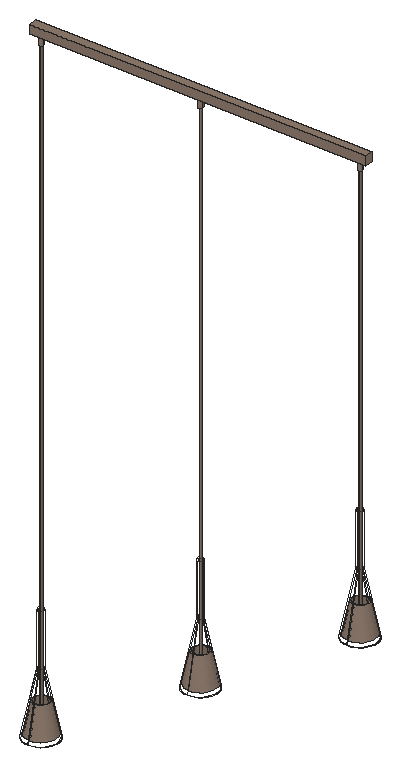
Revit family
Parameters
  Reflector C [instance] = G-5770 Note : G-5770 Note
  Reflector B [instance] = G-5770 Note : G-5770 Note
  Reflector A [instance] = G-5770 Note : G-5770 Note
  Finish Option [instance] = Finish - HBOB
  Cable Length C [instance] = 4' - 0"
  Cable Length B [instance] = 5' - 0"
  Cable Length A [instance] = 6' - 0"
  Assembly Code = ""
Reference planes (in)
  plane 1 "Center (Front/Back)": y = 0
  plane 2 "Ceiling": z = 96
  plane 3 "Center (Left/Right)": x = 0
Forms (in)
  Extrusion 1, solid, material "Finish - HBOB" <- "Finish Option"
    sketch origin (0, 0, 96) x (1, 0, 0) y (0, 1, 0)
      loop
        line (-20, 0.5) -> (-20, -0.5) -> (20, -0.5) -> (20, 0.5) -> (-20, 0.5)
    from -1 to 0
  Extrusion 2, solid, material "Finish - HBOB" <- "Finish Option"
    sketch origin (0, 0, 96) x (1, 0, 0) y (0, 1, 0)
      loop
        circle (-19, 0) r 0.25
      loop
        circle (0, 0) r 0.25
      loop
        circle (19, 0) r 0.25
    from -2 to 0
Cuts and joins
  joined: Extrusion 1, Extrusion 2
Dimensions and locks (in)
  equal spacing: host sketch curve, plane 3 "Center (Left/Right)", host sketch curve
  equal spacing: host sketch curve, plane 1 "Center (Front/Back)", host sketch curve
  host sketch curve to host sketch curve = 10' - 0"  (x2)
  aligned: host ceiling to nested 1
  aligned: plane 1 "Center (Front/Back)" to nested 1
  aligned: plane 3 "Center (Left/Right)" to nested 1
Nested families (in)
  nested 1: "G-5770 Note" at (0, 0, 94) x (0, 1, 0) z (0, 0, 1), type <- "Reflector B", Cable Length <- "Cable Length B", type "G-5770 Note"
    with Cable Length 5' - 0"
  nested 2: "G-5770 Note" at (-19, 0, 94) x (0, 1, 0) z (0, 0, 1), type <- "Reflector A", Cable Length <- "Cable Length A", type "G-5770 Note"
  nested 3: "G-5770 Note" at (19, 0, 94) x (0, 1, 0) z (0, 0, 1), type <- "Reflector C", Cable Length <- "Cable Length C", type "G-5770 Note"
    with Cable Length 4' - 0"
Definition of nested family "G-5770 Note"
  Parameters (values of type "G-5770 Note")
    Wattage Comments = "12V/35W"
    Lamp = "Halostar ECO GY635IRC"
    Glass Option = Glass - Clear
    Finish Option = Finish - HBOB
    Cable Length [instance] = 6' - 0"
  Reference planes (in)
    plane 1 "Light Source Axis (F/B)": y = 0
    plane 2: z = 0
    plane 3 "Light Source Axis (L/R)": x = 0
    plane 4 "Light Source Elevation": z = -72
  Forms (in)
    Revolve 1, solid, material "Glass - Clear" <- "Glass Option"
      sketch origin (0, 0, 0) x (1, 0, 0) y (0, 0, 1)
        loop
          line (1.87206, -74) -> (2, -74) -> (0.375, -66.55208) -> (0.375, -60.375)
          arc (0.375, -60.375) -> (0.30178, -60.19822) -> (0.125, -60.125) r 0.25
          line (0.125, -60.125) -> (0.125, -65.99264) -> (1.87206, -74)
        axis (0, -74) -> (0, -60.125)
      angle from 0 to 360
    Revolve 2, solid, material "Finish - HBOB" <- "Finish Option"
      sketch origin (0, 0, 0) x (1, 0, 0) y (0, 0, 1)
        loop
          line (1.63503, -73.5) -> (1.76297, -73.5) -> (0.99933, -70) -> (0.87139, -70) -> (1.63503, -73.5)
        axis (0, -73.5) -> (0, -70)
      angle from 0 to 360
    Extrusion 3, solid, material "Finish - HBOB" <- "Finish Option"
      sketch origin (0, 0, 0) x (1, 0, 0) y (0, 1, 0)
        loop
          circle (0, 0) r 0.125
      from -71 to 0
  Dimensions and locks (in)
    locked: plane 4 "Light Source Elevation" to Revolve 1 at 2
    "Cable Length": level to plane 4 "Light Source Elevation"
    locked: plane 4 "Light Source Elevation" to Revolve 2 at 1.5
    locked: Extrusion 3 to plane 4 "Light Source Elevation" at 1
    aligned and locked: level to plane 2
    aligned: level to Extrusion 3
    aligned and locked: level to Extrusion 3
  Automatic sketch dimensions
    Revolve 1 sketch curve to plane 3 "Light Source Axis (L/R)" = 0' - 0"
    plane 3 "Light Source Axis (L/R)" to Revolve 1 sketch curve = 0' - 0 1/8"
    plane 3 "Light Source Axis (L/R)" to Revolve 1 sketch curve = 0' - 0 3/8"
    Revolve 1 sketch curve to Revolve 1 sketch curve = 0' - 1.87206"
    Revolve 1 sketch curve to Revolve 1 sketch curve = 0' - 0.12794"
    plane 4 "Light Source Elevation" to Revolve 1 sketch curve = 0' - 2"
    Revolve 1 sketch curve to Revolve 1 sketch curve = 0' - 0"
    Revolve 1 sketch curve to plane 4 "Light Source Elevation" = 0' - 5.44792"
    Revolve 1 sketch curve to Revolve 1 sketch curve = 0' - 0.55944"
    Revolve 1 sketch curve to Revolve 1 sketch curve = 0' - 5.61764"
    Revolve 1 sketch curve to Revolve 1 sketch curve = 0' - 2 1/8"
    Revolve 2 sketch curve to plane 3 "Light Source Axis (L/R)" = 0' - 0"
    plane 3 "Light Source Axis (L/R)" to Revolve 2 sketch curve = 0' - 0.87139"
    plane 3 "Light Source Axis (L/R)" to Revolve 2 sketch curve = 0' - 1.63503"
    Revolve 2 sketch curve to Revolve 2 sketch curve = 0' - 0.12794"  (x2)
    plane 4 "Light Source Elevation" to Revolve 2 sketch curve = 0' - 2"
    plane 4 "Light Source Elevation" to Revolve 2 sketch curve = 0' - 1 1/2"
    Revolve 2 sketch curve to plane 4 "Light Source Elevation" = 0' - 2"
    Revolve 2 sketch curve to Revolve 2 sketch curve = 1' - 0"
    Extrusion 3 sketch curve to Extrusion 3 sketch curve = 0' - 0"  (x2)
    plane 1 "Light Source Axis (F/B)" to Extrusion 3 sketch curve = 0' - 0"
    Extrusion 3 sketch curve to plane 3 "Light Source Axis (L/R)" = 0' - 0"
    Extrusion 3 sketch curve to Extrusion 3 sketch curve = 0' - 0 1/8"
  Nested families (in)
    nested 1: "Bulb - Halostar ECO 9250035-ECO" at (-0.01962, 0.00306, -71), type "Bulb - Halostar ECO 9250035-ECO"
  Definition of nested family "Bulb - Halostar ECO 9250035-ECO"
    Parameters (values of type "Bulb - Halostar ECO 9250035-ECO")
      Wattage Comments = "12V/35W"
      Wattage = 5.78961 W
      built-in parameter 1150110 = 1 (stored number, unit not read)
      built-in parameter 1114217 = 1 (stored number, unit not read)
      built-in parameter 1150109 = 1 (stored number, unit not read)
      built-in parameter 1150134 = (empty or 0)
      built-in parameter 1150113 = 1 (stored number, unit not read)
      built-in parameter 1150105 = 68.437 (stored number, unit not read)
      Lumens = 860 lm
      built-in parameter 1150115 = 1 (stored number, unit not read)
      Light Source Symbol Size = 2' - 0"
      built-in parameter 1150137 = (empty or 0)
      built-in parameter 1150139 = (empty or 0)
      built-in parameter 1150112 = 1 (stored number, unit not read)
      built-in parameter 1150114 = 1 (stored number, unit not read)
      Lamp = "Osram Halostar ECO: 9250*035-ECO"
      built-in parameter 1150132 = 2
      built-in parameter 1150102 = (empty or 0)
      built-in parameter 1150107 = 3000 (stored number, unit not read)
      built-in parameter 1150138 = (empty or 0)
      built-in parameter 1150106 = 0.68437 (stored number, unit not read)
      built-in parameter 1150104 = 13.8 (stored number, unit not read)
      Dimming Lamp Color Temperature Shift = (empty or 0)
      Default Elevation = 6' - 0"
      Color Filter = 16777215
      built-in parameter 1114218 = 1 (stored number, unit not read)
      built-in parameter 1150133 = 10 (stored number, unit not read)
    Reference planes (in)
      plane 1 "Center (Front/Back)": y = 0
      plane 2: z = 0
      plane 3 "Center (Left/Right)": x = 0
    Forms (in)
      Extrusion 1, solid
        sketch origin (0, 0, 0) x (1, 0, 0) y (0, 1, 0)
          loop
            line (-48, 48) -> (-48, -48) -> (48, -48) -> (48, 48) -> (-48, 48)
        from 0 to -12
    Dimensions and locks (in)
      aligned and locked: plane 2 to Extrusion 1
      aligned and locked: level to Extrusion 1
